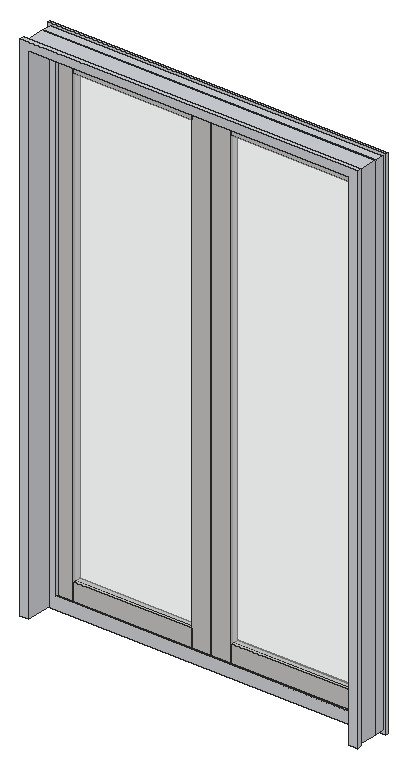
Revit family "APL Residential Thermal Heart French Door Open Out", category Doors, host Wall, Revit 2017 (continued)
Definition of nested family "APL Residential Thermal Heart French Door Open Out Horizontal Section"
  Definition of nested family "Glazing Bead"
    Lines and regions (mm)
      detail lines, in view "Ref. Level", not visible
        curve 39: line (-2.2, -6.85, 0) -> (-1, -6.85, 0)
        curve 40: line (-1, -6.85, 0) -> (-1, -4.9, 0)
        curve 41: line (-1, -4.9, 0) -> (-0.25, -4.9, 0)
        curve 42: line (-0.25, -5.4, 0) -> (-0.25, -8.45, 0)
        curve 43: line (-0.25, -8.95, 0) -> (-0.25, -9.619, 0)
        curve 44: line (-0.25, -10.119, 0) -> (-0.25, -10.787, 0)
        curve 45: line (-0.25, -11.287, 0) -> (-0.25, -11.956, 0)
        curve 46: arc (-0.25, -11.956, 0) -> (0, -12.206, 0) -> (-0.25, -12.456, 0) r 0.25
        curve 47: arc (62.983, -3.041, 0) -> (62.673, -2.901, 0) -> (62.511, -3.2, 0) r 0.25
        curve 48: arc (62.537, -13.088, 0) -> (62.7, -13.387, 0) -> (63.01, -13.247, 0) r 0.25
        curve 49: line (62.511, -3.2, 0) -> (63.505, -7.068, 0)
        curve 50: line (63.505, -7.068, 0) -> (62.502, -7.647, 0)
        curve 51: line (62.502, -7.647, 0) -> (62.502, -8.647, 0)
        curve 52: line (62.502, -8.647, 0) -> (63.527, -9.239, 0)
        curve 53: line (63.527, -9.239, 0) -> (62.537, -13.088, 0)
        curve 54: line (63.01, -13.247, 0) -> (64.734, -9.147, 0)
        curve 55: line (64.734, -9.147, 0) -> (66.002, -9.147, 0)
        curve 56: line (66.002, -9.147, 0) -> (66.002, -10.397, 0)
        curve 57: line (66.002, -10.397, 0) -> (67.002, -10.397, 0)
        curve 58: line (67.002, -10.397, 0) -> (67.002, -5.897, 0)
        curve 59: line (67.002, -5.897, 0) -> (66.002, -5.897, 0)
        curve 60: line (66.002, -5.897, 0) -> (66.002, -7.147, 0)
        curve 61: line (66.002, -7.147, 0) -> (64.71, -7.147, 0)
        curve 62: line (64.71, -7.147, 0) -> (62.983, -3.041, 0)
    Dimensions and locks
      "Glass Lenght": plane 1 "Center (Front/Back)" to plane 4
      aligned and locked: plane 4 to curve 2
      aligned and locked: plane 1 "Center (Front/Back)" to Filled region 1 sketch curve
      aligned and locked: Filled region 1 sketch curve to curve 6
      aligned and locked: Filled region 1 sketch curve to curve 1
      aligned and locked: Filled region 1 sketch curve to curve 5
    Automatic sketch dimensions
      plane 1 "Center (Front/Back)" to curve 2 = 0 mm
      curve 2 to plane 3 "Center (Left/Right)" = 0 mm
      curve 6 to plane 4 = 0 mm
      curve 5 to plane 4 = 0 mm
      curve 4 to plane 4 = 0 mm
      curve 5 to curve 3 = 4 mm
      plane 3 "Center (Left/Right)" to curve 1 = 4 mm
      curve 6 to curve 5 = 16 mm
      plane 1 "Center (Front/Back)" to curve 1 = 12 mm
    Nested families
      nested 1: "65015_Bead" at (-15.5, 6.328, 0), type "65015_Bead", in view "Ref. Level"
    Definition of nested family "65015_Bead"
      Reference planes
        plane 1 "Center (Front/Back)": y = 0
        plane 2: z = 0
        plane 3 "Center (Left/Right)": x = 0
      Lines and regions (mm)
        model lines, in view "Ref. Level"
          curve 1: arc (13.5, 12.78, 0) -> (13.558, 12.92, 0) -> (13.698, 12.978, 0) r 0.198
          curve 2: arc (14.302, 12.978, 0) -> (14.442, 12.918, 0) -> (14.5, 12.777, 0) r 0.201
          curve 3: arc (14.5, 10.175, 0) -> (14.442, 10.036, 0) -> (14.302, 9.978, 0) r 0.198
          curve 4: arc (13.698, 9.978, 0) -> (13.558, 10.036, 0) -> (13.5, 10.175, 0) r 0.198
          curve 5: arc (13.5, 11.027, 0) -> (13.442, 11.169, 0) -> (13.3, 11.228, 0) r 0.2
          curve 6: arc (12.7, 11.228, 0) -> (11.851, 11.579, 0) -> (11.5, 12.428, 0) r 1.2
          curve 7: arc (11.5, 13.628, 0) -> (11.377, 13.813, 0) -> (11.159, 13.769, 0) r 0.2
          curve 8: arc (1.546, 4.157, 0) -> (1.438, 3.995, 0) -> (1.4, 3.804, 0) r 0.5
          curve 9: arc (1.4, 1.817, 0) -> (1.467, 1.567, 0) -> (1.65, 1.384, 0) r 0.5
          curve 10: arc (10.675, -3.827, 0) -> (10.913, -4.714, 0) -> (10.025, -4.952, 0) r 0.65
          curve 11: arc (3.306, -1.073, 0) -> (2.928, -1.023, 0) -> (2.624, -1.254, 0) r 0.5
          curve 12: arc (2.587, -2.129, 0) -> (2.248, -2.45, 0) -> (1.791, -2.352, 0) r 0.5
          curve 13: arc (1.518, -2.123, 0) -> (1.466, -2.054, 0) -> (1.447, -1.97, 0) r 0.2
          curve 14: arc (1.447, -1.115, 0) -> (1.476, -1.011, 0) -> (1.555, -0.938, 0) r 0.2
          curve 15: arc (1.555, -0.938, 0) -> (1.717, -0.809, 0) -> (1.82, -0.63, 0) r 0.55
          curve 16: arc (1.82, -0.63, 0) -> (1.825, -0.452, 0) -> (1.729, -0.302, 0) r 0.3
          curve 17: arc (0.2, 0, 0) -> (0.059, 0.059, 0) -> (0, 0.2, 0) r 0.2
          curve 18: arc (0, 4.383, 0) -> (0.038, 4.575, 0) -> (0.146, 4.737, 0) r 0.5
          curve 19: arc (14.159, 18.749, 0) -> (14.377, 18.792, 0) -> (14.5, 18.608, 0) r 0.2
          curve 20: arc (14.5, 15.172, 0) -> (14.442, 15.034, 0) -> (14.303, 14.978, 0) r 0.194
          curve 21: arc (13.698, 14.978, 0) -> (13.559, 15.038, 0) -> (13.5, 15.177, 0) r 0.203
          curve 22: arc (13.5, 15.528, 0) -> (13.441, 15.669, 0) -> (13.3, 15.728, 0) r 0.201
          curve 23: arc (12.7, 15.728, 0) -> (12.559, 15.669, 0) -> (12.5, 15.528, 0) r 0.2
          curve 24: arc (12.5, 12.428, 0) -> (12.559, 12.286, 0) -> (12.7, 12.228, 0) r 0.2
          curve 25: line (13.5, 12.428, 0) -> (13.5, 12.78, 0)
          curve 26: line (13.698, 12.978, 0) -> (14.302, 12.978, 0)
          curve 27: line (14.5, 12.777, 0) -> (14.5, 10.175, 0)
          curve 28: line (14.302, 9.978, 0) -> (13.698, 9.978, 0)
          curve 29: line (13.5, 10.175, 0) -> (13.5, 11.027, 0)
          curve 30: line (13.3, 11.228, 0) -> (12.7, 11.228, 0)
          curve 31: line (11.5, 12.428, 0) -> (11.5, 13.628, 0)
          curve 32: line (11.159, 13.769, 0) -> (1.546, 4.157, 0)
          curve 33: line (1.4, 3.804, 0) -> (1.4, 1.817, 0)
          curve 34: line (1.65, 1.384, 0) -> (10.675, -3.827, 0)
          curve 35: line (10.025, -4.952, 0) -> (3.306, -1.073, 0)
          curve 36: line (2.597, -1.355, 0) -> (2.597, -2.065, 0)
          curve 37: line (1.791, -2.352, 0) -> (1.518, -2.123, 0)
          curve 38: line (1.518, -2.123, 0) -> (1.447, -1.115, 0)
          curve 39: line (1.729, -0.302, 0) -> (1.425, -0.047, 0)
          curve 40: line (1.425, -0.047, 0) -> (0.2, 0, 0)
          curve 41: line (0, 0.2, 0) -> (0, 4.383, 0)
          curve 42: line (0.146, 4.737, 0) -> (14.159, 18.749, 0)
          curve 43: line (14.5, 18.608, 0) -> (14.5, 15.172, 0)
          curve 44: line (14.303, 14.978, 0) -> (13.698, 14.978, 0)
          curve 45: line (13.5, 15.177, 0) -> (13.5, 15.528, 0)
          curve 46: line (13.3, 15.728, 0) -> (12.7, 15.728, 0)
          curve 47: line (12.5, 15.528, 0) -> (12.5, 12.428, 0)
          curve 48: line (12.7, 12.228, 0) -> (13.3, 12.228, 0)
          curve 49: arc (13.3, 12.228, 0) -> (13.441, 12.286, 0) -> (13.5, 12.428, 0) r 0.2
      Text (mm)
        text "65015" at (32.01, 10.207, 0), in view "Ref. Level"
  Definition of nested family "Keeper&Lock Stile"
    Reference planes
      plane 1 "Center (Front/Back)": y = 0
      plane 2: z = 0
      plane 3 "Center (Left/Right)": x = 0
    Lines and regions (mm)
      detail lines, in view "Ref. Level"
        curve 1: arc (-18.353, 45.503, 0) -> (-18.847, 45.503, 0) -> (-18.847, 45.997, 0) r 0.35
        curve 2: arc (-16.497, 48.347, 0) -> (-16.003, 48.347, 0) -> (-16.003, 47.853, 0) r 0.35
        curve 3: arc (-17.549, 45.655, 0) -> (-17.821, 45.781, 0) -> (-17.778, 46.077, 0) r 0.25
        curve 4: arc (-7.038, 49.8, 0) -> (-8.076, 50.183, 0) -> (-8.618, 51.147, 0) r 1.6
        curve 5: arc (-7.038, 50.4, 0) -> (-7.745, 50.693, 0) -> (-8.038, 51.4, 0) r 1
        curve 6: arc (-14, 51.75, 0) -> (-13.927, 51.927, 0) -> (-13.75, 52, 0) r 0.25
        curve 7: arc (-13.875, 51.183, 0) -> (-13.967, 51.275, 0) -> (-14, 51.4, 0) r 0.25
        curve 8: arc (-13.875, 51.183, 0) -> (-13.6, 50.909, 0) -> (-13.5, 50.534, 0) r 0.75
        curve 9: arc (-8.915, 51.4, 0) -> (-8.719, 51.328, 0) -> (-8.618, 51.147, 0) r 0.3
        curve 10: arc (-8.538, 52, 0) -> (-8.184, 51.854, 0) -> (-8.038, 51.5, 0) r 0.5
        curve 11: arc (-12, 50.65, 0) -> (-11.78, 51.18, 0) -> (-11.25, 51.4, 0) r 0.75
        curve 12: arc (-13.5, 47.854, 0) -> (-13.671, 47.477, 0) -> (-14.067, 47.358, 0) r 0.5
        curve 13: arc (-15.962, 47.527, 0) -> (-15.706, 47.559, 0) -> (-15.448, 47.546, 0) r 1.5
        curve 14: arc (-11, 45.45, 0) -> (-11.169, 45.456, 0) -> (-11.337, 45.473, 0) r 2.5
        curve 15: arc (-11.25, 46.95, 0) -> (-11.78, 47.17, 0) -> (-12, 47.7, 0) r 0.75
        curve 16: arc (-5.394, 50.157, 0) -> (-5.012, 48.747, 0) -> (-5.69, 47.453, 0) r 2.001
        curve 17: arc (-5.776, 49.646, 0) -> (-5.621, 48.722, 0) -> (-6.083, 47.907, 0) r 1.401
        curve 18: arc (-5.876, 50.4, 0) -> (-5.606, 50.336, 0) -> (-5.394, 50.157, 0) r 0.6
        curve 19: arc (-6.039, 49.8, 0) -> (-5.886, 49.759, 0) -> (-5.776, 49.646, 0) r 0.3
        curve 20: arc (-7.887, 45.548, 0) -> (-8.009, 45.475, 0) -> (-8.149, 45.45, 0) r 0.4
        curve 21: arc (-6.975, 47.133, 0) -> (-7.204, 46.997, 0) -> (-7.466, 46.95, 0) r 0.75
        curve 22: line (-11.337, 45.473, 0) -> (-15.65, 46.06, 0)
        curve 23: line (-15.65, 46.06, 0) -> (-17.549, 45.655, 0)
        curve 24: line (-18.847, 45.997, 0) -> (-16.497, 48.347, 0)
        curve 25: line (-16.003, 47.853, 0) -> (-18.353, 45.503, 0)
        curve 26: line (-8.149, 45.45, 0) -> (-11, 45.45, 0)
        curve 27: line (-7.466, 46.95, 0) -> (-11.25, 46.95, 0)
        curve 28: line (-13.5, 47.854, 0) -> (-13.5, 50.534, 0)
        curve 29: line (-12, 47.7, 0) -> (-12, 50.65, 0)
        curve 30: line (-13.75, 52, 0) -> (-8.538, 52, 0)
        curve 31: line (-14, 51.4, 0) -> (-14, 51.75, 0)
        curve 32: line (-11.25, 51.4, 0) -> (-8.915, 51.4, 0)
        curve 33: line (-15.448, 47.546, 0) -> (-14.067, 47.358, 0)
        curve 34: line (-16.427, 47.428, 0) -> (-15.962, 47.527, 0)
        curve 35: line (-6.039, 49.8, 0) -> (-7.038, 49.8, 0)
        curve 36: line (-5.876, 50.4, 0) -> (-7.038, 50.4, 0)
        curve 37: line (-5.69, 47.453, 0) -> (-7.887, 45.548, 0)
        curve 38: line (-6.083, 47.907, 0) -> (-6.975, 47.133, 0)
        curve 77: arc (18.353, 6.497, 0) -> (18.847, 6.497, 0) -> (18.847, 6.003, 0) r 0.35
        curve 78: arc (16.497, 3.653, 0) -> (16.003, 3.653, 0) -> (16.003, 4.147, 0) r 0.35
        curve 79: arc (17.549, 6.345, 0) -> (17.821, 6.219, 0) -> (17.778, 5.923, 0) r 0.25
        curve 80: arc (7.038, 2.2, 0) -> (8.076, 1.817, 0) -> (8.618, 0.853, 0) r 1.6
        curve 81: arc (7.038, 1.6, 0) -> (7.745, 1.307, 0) -> (8.038, 0.6, 0) r 1
        curve 82: arc (14, 0.25, 0) -> (13.927, 0.073, 0) -> (13.75, 0, 0) r 0.25
        curve 83: arc (13.875, 0.817, 0) -> (13.967, 0.725, 0) -> (14, 0.6, 0) r 0.25
        curve 84: arc (13.875, 0.817, 0) -> (13.6, 1.091, 0) -> (13.5, 1.466, 0) r 0.75
        curve 85: arc (8.915, 0.6, 0) -> (8.719, 0.672, 0) -> (8.618, 0.853, 0) r 0.3
        curve 86: arc (8.538, 0, 0) -> (8.184, 0.146, 0) -> (8.038, 0.5, 0) r 0.5
        curve 87: arc (12, 1.35, 0) -> (11.78, 0.82, 0) -> (11.25, 0.6, 0) r 0.75
        curve 88: arc (13.5, 4.146, 0) -> (13.671, 4.523, 0) -> (14.067, 4.642, 0) r 0.5
        curve 89: arc (15.962, 4.473, 0) -> (15.706, 4.441, 0) -> (15.448, 4.454, 0) r 1.5
        curve 90: arc (11, 6.55, 0) -> (11.169, 6.544, 0) -> (11.337, 6.527, 0) r 2.5
        curve 91: arc (11.25, 5.05, 0) -> (11.78, 4.83, 0) -> (12, 4.3, 0) r 0.75
        curve 92: arc (5.394, 1.843, 0) -> (5.012, 3.253, 0) -> (5.69, 4.547, 0) r 2.001
        curve 93: arc (5.776, 2.354, 0) -> (5.621, 3.278, 0) -> (6.083, 4.093, 0) r 1.401
        curve 94: arc (5.876, 1.6, 0) -> (5.606, 1.664, 0) -> (5.394, 1.843, 0) r 0.6
        curve 95: arc (6.039, 2.2, 0) -> (5.886, 2.241, 0) -> (5.776, 2.354, 0) r 0.3
        curve 96: arc (7.887, 6.452, 0) -> (8.009, 6.525, 0) -> (8.149, 6.55, 0) r 0.4
        curve 97: arc (6.975, 4.867, 0) -> (7.204, 5.003, 0) -> (7.466, 5.05, 0) r 0.75
        curve 98: line (11.337, 6.527, 0) -> (15.65, 5.94, 0)
        curve 99: line (15.65, 5.94, 0) -> (17.549, 6.345, 0)
        curve 100: line (18.847, 6.003, 0) -> (16.497, 3.653, 0)
        curve 101: line (16.003, 4.147, 0) -> (18.353, 6.497, 0)
        curve 102: line (8.149, 6.55, 0) -> (11, 6.55, 0)
        curve 103: line (7.466, 5.05, 0) -> (11.25, 5.05, 0)
        curve 104: line (13.5, 4.146, 0) -> (13.5, 1.466, 0)
        curve 105: line (12, 4.3, 0) -> (12, 1.35, 0)
        curve 106: line (13.75, 0, 0) -> (8.538, 0, 0)
        curve 107: line (14, 0.6, 0) -> (14, 0.25, 0)
        curve 108: line (11.25, 0.6, 0) -> (8.915, 0.6, 0)
        curve 109: line (15.448, 4.454, 0) -> (14.067, 4.642, 0)
        curve 110: line (16.427, 4.572, 0) -> (15.962, 4.473, 0)
        curve 111: line (6.039, 2.2, 0) -> (7.038, 2.2, 0)
        curve 112: line (5.876, 1.6, 0) -> (7.038, 1.6, 0)
        curve 113: line (5.69, 4.547, 0) -> (7.887, 6.452, 0)
        curve 114: line (6.083, 4.093, 0) -> (6.975, 4.867, 0)
        curve 115: arc (-87.144, 40.782, 0) -> (-87.004, 40.472, 0) -> (-87.303, 40.309, 0) r 0.25
        curve 116: arc (-97.191, 40.336, 0) -> (-97.491, 40.498, 0) -> (-97.351, 40.808, 0) r 0.25
        curve 117: line (-87.303, 40.309, 0) -> (-91.171, 41.303, 0)
        curve 118: line (-91.171, 41.303, 0) -> (-91.75, 40.3, 0)
        curve 119: line (-91.75, 40.3, 0) -> (-92.75, 40.3, 0)
        curve 120: line (-92.75, 40.3, 0) -> (-93.342, 41.325, 0)
        curve 121: line (-93.342, 41.325, 0) -> (-97.191, 40.336, 0)
        curve 122: line (-97.351, 40.808, 0) -> (-93.25, 42.532, 0)
        curve 123: line (-93.25, 42.532, 0) -> (-93.25, 43.8, 0)
        curve 124: line (-93.25, 43.8, 0) -> (-94.5, 43.8, 0)
        curve 125: line (-94.5, 43.8, 0) -> (-94.5, 44.8, 0)
        curve 126: line (-94.5, 44.8, 0) -> (-90, 44.8, 0)
        curve 127: line (-90, 44.8, 0) -> (-90, 43.8, 0)
        curve 128: line (-90, 43.8, 0) -> (-91.25, 43.8, 0)
        curve 129: line (-91.25, 43.8, 0) -> (-91.25, 42.508, 0)
        curve 130: line (-91.25, 42.508, 0) -> (-87.144, 40.782, 0)
        curve 147: arc (87.144, 40.782, 0) -> (87.004, 40.472, 0) -> (87.303, 40.309, 0) r 0.25
        curve 148: arc (97.191, 40.336, 0) -> (97.491, 40.498, 0) -> (97.351, 40.808, 0) r 0.25
        curve 149: line (87.303, 40.309, 0) -> (91.171, 41.303, 0)
        curve 150: line (91.171, 41.303, 0) -> (91.75, 40.3, 0)
        curve 151: line (91.75, 40.3, 0) -> (92.75, 40.3, 0)
        curve 152: line (92.75, 40.3, 0) -> (93.342, 41.325, 0)
        curve 153: line (93.342, 41.325, 0) -> (97.191, 40.336, 0)
        curve 154: line (97.351, 40.808, 0) -> (93.25, 42.532, 0)
        curve 155: line (93.25, 42.532, 0) -> (93.25, 43.8, 0)
        curve 156: line (93.25, 43.8, 0) -> (94.5, 43.8, 0)
        curve 157: line (94.5, 43.8, 0) -> (94.5, 44.8, 0)
        curve 158: line (94.5, 44.8, 0) -> (90, 44.8, 0)
        curve 159: line (90, 44.8, 0) -> (90, 43.8, 0)
        curve 160: line (90, 43.8, 0) -> (91.25, 43.8, 0)
        curve 161: line (91.25, 43.8, 0) -> (91.25, 42.508, 0)
        curve 162: line (91.25, 42.508, 0) -> (87.144, 40.782, 0)
      detail lines, in view "Ref. Level", not visible
        curve 39: arc (-18.353, 45.503, 0) -> (-18.847, 45.503, 0) -> (-18.847, 45.997, 0) r 0.35
        curve 40: arc (-16.497, 48.347, 0) -> (-16.003, 48.347, 0) -> (-16.003, 47.853, 0) r 0.35
        curve 41: arc (-17.549, 45.655, 0) -> (-17.821, 45.781, 0) -> (-17.778, 46.077, 0) r 0.25
        curve 42: arc (-7.038, 49.8, 0) -> (-8.076, 50.183, 0) -> (-8.618, 51.147, 0) r 1.6
        curve 43: arc (-7.038, 50.4, 0) -> (-7.745, 50.693, 0) -> (-8.038, 51.4, 0) r 1
        curve 44: arc (-14, 51.75, 0) -> (-13.927, 51.927, 0) -> (-13.75, 52, 0) r 0.25
        curve 45: arc (-13.875, 51.183, 0) -> (-13.967, 51.275, 0) -> (-14, 51.4, 0) r 0.25
        curve 46: arc (-13.875, 51.183, 0) -> (-13.6, 50.909, 0) -> (-13.5, 50.534, 0) r 0.75
        curve 47: arc (-8.915, 51.4, 0) -> (-8.719, 51.328, 0) -> (-8.618, 51.147, 0) r 0.3
        curve 48: arc (-8.538, 52, 0) -> (-8.184, 51.854, 0) -> (-8.038, 51.5, 0) r 0.5
        curve 49: arc (-12, 50.65, 0) -> (-11.78, 51.18, 0) -> (-11.25, 51.4, 0) r 0.75
        curve 50: arc (-13.5, 47.854, 0) -> (-13.671, 47.477, 0) -> (-14.067, 47.358, 0) r 0.5
        curve 51: arc (-15.962, 47.527, 0) -> (-15.706, 47.559, 0) -> (-15.448, 47.546, 0) r 1.5
        curve 52: arc (-11, 45.45, 0) -> (-11.169, 45.456, 0) -> (-11.337, 45.473, 0) r 2.5
        curve 53: arc (-11.25, 46.95, 0) -> (-11.78, 47.17, 0) -> (-12, 47.7, 0) r 0.75
        curve 54: arc (-5.394, 50.157, 0) -> (-5.012, 48.747, 0) -> (-5.69, 47.453, 0) r 2.001
        curve 55: arc (-5.776, 49.646, 0) -> (-5.621, 48.722, 0) -> (-6.083, 47.907, 0) r 1.401
        curve 56: arc (-5.876, 50.4, 0) -> (-5.606, 50.336, 0) -> (-5.394, 50.157, 0) r 0.6
        curve 57: arc (-6.039, 49.8, 0) -> (-5.886, 49.759, 0) -> (-5.776, 49.646, 0) r 0.3
        curve 58: arc (-7.887, 45.548, 0) -> (-8.009, 45.475, 0) -> (-8.149, 45.45, 0) r 0.4
        curve 59: arc (-6.975, 47.133, 0) -> (-7.204, 46.997, 0) -> (-7.466, 46.95, 0) r 0.75
        curve 60: line (-11.337, 45.473, 0) -> (-15.65, 46.06, 0)
        curve 61: line (-15.65, 46.06, 0) -> (-17.549, 45.655, 0)
        curve 62: line (-18.847, 45.997, 0) -> (-16.497, 48.347, 0)
        curve 63: line (-16.003, 47.853, 0) -> (-18.353, 45.503, 0)
        curve 64: line (-8.149, 45.45, 0) -> (-11, 45.45, 0)
        curve 65: line (-7.466, 46.95, 0) -> (-11.25, 46.95, 0)
        curve 66: line (-13.5, 47.854, 0) -> (-13.5, 50.534, 0)
        curve 67: line (-12, 47.7, 0) -> (-12, 50.65, 0)
        curve 68: line (-13.75, 52, 0) -> (-8.538, 52, 0)
        curve 69: line (-14, 51.4, 0) -> (-14, 51.75, 0)
        curve 70: line (-11.25, 51.4, 0) -> (-8.915, 51.4, 0)
        curve 71: line (-15.448, 47.546, 0) -> (-14.067, 47.358, 0)
        curve 72: line (-16.427, 47.428, 0) -> (-15.962, 47.527, 0)
        curve 73: line (-6.039, 49.8, 0) -> (-7.038, 49.8, 0)
        curve 74: line (-5.876, 50.4, 0) -> (-7.038, 50.4, 0)
        curve 75: line (-5.69, 47.453, 0) -> (-7.887, 45.548, 0)
        curve 76: line (-6.083, 47.907, 0) -> (-6.975, 47.133, 0)
        curve 131: arc (27.921, 135.423, 0) -> (27.611, 135.563, 0) -> (27.449, 135.264, 0) r 0.25
        curve 132: arc (27.475, 125.376, 0) -> (27.637, 125.077, 0) -> (27.948, 125.217, 0) r 0.25
        curve 133: line (27.449, 135.264, 0) -> (28.443, 131.396, 0)
        curve 134: line (28.443, 131.396, 0) -> (27.439, 130.817, 0)
        curve 135: line (27.439, 130.817, 0) -> (27.439, 129.817, 0)
        curve 136: line (27.439, 129.817, 0) -> (28.465, 129.225, 0)
        curve 137: line (28.465, 129.225, 0) -> (27.475, 125.376, 0)
        curve 138: line (27.948, 125.217, 0) -> (29.672, 129.317, 0)
        curve 139: line (29.672, 129.317, 0) -> (30.939, 129.317, 0)
        curve 140: line (30.939, 129.317, 0) -> (30.939, 128.067, 0)
        curve 141: line (30.939, 128.067, 0) -> (31.939, 128.067, 0)
        curve 142: line (31.939, 128.067, 0) -> (31.939, 132.567, 0)
        curve 143: line (31.939, 132.567, 0) -> (30.939, 132.567, 0)
        curve 144: line (30.939, 132.567, 0) -> (30.939, 131.317, 0)
        curve 145: line (30.939, 131.317, 0) -> (29.647, 131.317, 0)
        curve 146: line (29.647, 131.317, 0) -> (27.921, 135.423, 0)
    Dimensions and locks
      locked: nested 2 to nested 1 at 20
      nested 2 to nested 1 = 6 mm
    Nested families
      nested 1: "65220_Rebated Lock Stile" at (-14, 0, 0) x (0, -1, 0) z (0, 0, 1), type "65220_Rebated Lock Stile", in view "Ref. Level"
      nested 2: "65240_Rebated Keeper Stile" at (10, 0, 0) x (0, 1, 0) z (0, 0, 1), type "65240_Rebated Keeper Stile", in view "Ref. Level"
    Definition of nested family "65220_Rebated Lock Stile"
      Reference planes
        plane 1 "Center (Front/Back)": y = 0
        plane 2: z = 0
        plane 3 "Center (Left/Right)": x = 0
      Lines and regions (mm)
        model lines, in view "Ref. Level"
          curve 1: arc (-1.453, 62.127, 0) -> (-1.357, 62.052, 0) -> (-1.322, 61.935, 0) r 0.2
          curve 2: arc (-1.421, 57.06, 0) -> (-1.721, 56.366, 0) -> (-2.42, 56.08, 0) r 1
          curve 3: arc (-9.8, 56.08, 0) -> (-10.507, 56.373, 0) -> (-10.8, 57.08, 0) r 1
          curve 4: arc (-10.8, 61.172, 0) -> (-10.773, 61.272, 0) -> (-10.7, 61.345, 0) r 0.2
          curve 5: arc (-9.6, 61.98, 0) -> (-9.38, 62.2, 0) -> (-9.3, 62.5, 0) r 0.6
          curve 6: arc (-9.3, 62.8, 0) -> (-9.359, 62.941, 0) -> (-9.5, 63, 0) r 0.2
          curve 7: arc (-16.503, 63, 0) -> (-17.21, 62.707, 0) -> (-17.503, 62, 0) r 1
          curve 8: arc (-17.503, 56.28, 0) -> (-17.561, 56.139, 0) -> (-17.703, 56.08, 0) r 0.2
          curve 9: arc (-22.803, 56.08, 0) -> (-22.944, 56.139, 0) -> (-23.003, 56.28, 0) r 0.2
          curve 10: arc (-23.003, 62, 0) -> (-23.295, 62.707, 0) -> (-24.003, 63, 0) r 1
          curve 11: arc (-25.817, 63, 0) -> (-26.122, 62.801, 0) -> (-26.395, 63.043, 0) r 0.3
          curve 12: arc (-26.395, 63.043, 0) -> (-26.461, 63.181, 0) -> (-26.587, 63.268, 0) r 0.3
          curve 13: arc (-27.997, 63.782, 0) -> (-28.283, 63.738, 0) -> (-28.399, 63.474, 0) r 0.3
          curve 14: arc (-28.192, 61.108, 0) -> (-28.165, 61.008, 0) -> (-28.105, 60.922, 0) r 0.3
          curve 15: arc (-27.741, 60.559, 0) -> (-27.548, 60.507, 0) -> (-27.407, 60.648, 0) r 0.2
          curve 16: arc (-27.362, 60.816, 0) -> (-27.31, 60.905, 0) -> (-27.221, 60.957, 0) r 0.2
          curve 17: arc (-25, 61.5, 0) -> (-24.72, 61.307, 0) -> (-24.8, 60.976, 0) r 0.3
          curve 18: arc (-24.8, 60.976, 0) -> (-24.874, 60.875, 0) -> (-24.9, 60.753, 0) r 0.3
          curve 19: arc (-24.706, 56.75, 0) -> (-24.742, 56.578, 0) -> (-24.9, 56.5, 0) r 0.2
          curve 20: arc (-25.421, 56.5, 0) -> (-25.502, 56.511, 0) -> (-25.577, 56.544, 0) r 0.3
          curve 21: arc (-26.831, 57.309, 0) -> (-26.828, 57.479, 0) -> (-26.934, 57.611, 0) r 0.25
          curve 22: arc (-27.019, 57.663, 0) -> (-27.272, 57.668, 0) -> (-27.4, 57.45, 0) r 0.25
          curve 23: arc (-27.4, 54.7, 0) -> (-27.341, 54.559, 0) -> (-27.2, 54.5, 0) r 0.2
          curve 24: arc (-16.403, 54.5, 0) -> (-16.049, 54.646, 0) -> (-15.903, 55, 0) r 0.5
          curve 25: arc (-15.903, 61.2, 0) -> (-15.844, 61.341, 0) -> (-15.703, 61.4, 0) r 0.2
          curve 26: arc (-12.6, 61.4, 0) -> (-12.459, 61.341, 0) -> (-12.4, 61.2, 0) r 0.2
          curve 27: arc (-12.4, 57.08, 0) -> (-11.638, 55.242, 0) -> (-9.8, 54.48, 0) r 2.6
          curve 28: arc (-1.8, 54.48, 0) -> (-1.659, 54.421, 0) -> (-1.6, 54.28, 0) r 0.2
          curve 29: arc (-1.6, -4.898, 0) -> (-1.746, -5.252, 0) -> (-2.1, -5.398, 0) r 0.5
          curve 30: arc (-4.2, -5.398, 0) -> (-4.341, -5.339, 0) -> (-4.4, -5.198, 0) r 0.2
          curve 31: arc (-4.4, -4.2, 0) -> (-4.927, -2.927, 0) -> (-6.2, -2.4, 0) r 1.8
          curve 32: arc (-22.08, -2.4, 0) -> (-22.787, -2.107, 0) -> (-23.08, -1.4, 0) r 1
          curve 33: arc (-23.08, 3.4, 0) -> (-23.373, 4.107, 0) -> (-24.08, 4.4, 0) r 1
          curve 34: arc (-27.28, 4.4, 0) -> (-27.421, 4.341, 0) -> (-27.48, 4.2, 0) r 0.2
          curve 35: arc (-27.48, 1.551, 0) -> (-27.353, 1.332, 0) -> (-27.1, 1.337, 0) r 0.25
          curve 36: arc (-27.014, 1.389, 0) -> (-26.908, 1.521, 0) -> (-26.911, 1.691, 0) r 0.25
          curve 37: arc (-25.657, 2.456, 0) -> (-25.582, 2.489, 0) -> (-25.501, 2.5, 0) r 0.3
          curve 38: arc (-24.98, 2.5, 0) -> (-24.822, 2.422, 0) -> (-24.786, 2.25, 0) r 0.2
          curve 39: arc (-24.98, -1.753, 0) -> (-24.954, -1.875, 0) -> (-24.88, -1.976, 0) r 0.3
          curve 40: arc (-24.88, -1.976, 0) -> (-24.8, -2.307, 0) -> (-25.08, -2.5, 0) r 0.3
          curve 41: arc (-27.301, -1.957, 0) -> (-27.39, -1.905, 0) -> (-27.442, -1.816, 0) r 0.2
          curve 42: arc (-27.487, -1.648, 0) -> (-27.628, -1.507, 0) -> (-27.821, -1.559, 0) r 0.2
          curve 43: arc (-28.185, -1.922, 0) -> (-28.245, -2.008, 0) -> (-28.272, -2.108, 0) r 0.3
          curve 44: arc (-28.479, -4.474, 0) -> (-28.363, -4.738, 0) -> (-28.077, -4.782, 0) r 0.3
          curve 45: arc (-26.667, -4.268, 0) -> (-26.541, -4.181, 0) -> (-26.475, -4.043, 0) r 0.3
          curve 46: arc (-26.475, -4.043, 0) -> (-26.202, -3.801, 0) -> (-25.897, -4, 0) r 0.3
          curve 47: arc (-6.2, -4, 0) -> (-6.059, -4.059, 0) -> (-6, -4.2, 0) r 0.2
          curve 48: arc (-6, -6.798, 0) -> (-5.941, -6.939, 0) -> (-5.8, -6.998, 0) r 0.2
          curve 49: arc (-2, -6.998, 0) -> (-1.646, -7.144, 0) -> (-1.5, -7.498, 0) r 0.5
          curve 50: arc (-1.5, -21.5, 0) -> (-1.354, -21.854, 0) -> (-1, -22, 0) r 0.5
          curve 51: arc (-0.5, -22, 0) -> (-0.146, -21.854, 0) -> (0, -21.5, 0) r 0.5
          curve 52: arc (0, 62.8, 0) -> (-0.059, 62.941, 0) -> (-0.2, 63, 0) r 0.2
          curve 53: line (-1.322, 61.935, 0) -> (-1.421, 57.06, 0)
          curve 54: line (-2.42, 56.08, 0) -> (-9.8, 56.08, 0)
          curve 55: line (-10.8, 57.08, 0) -> (-10.8, 61.172, 0)
          curve 56: line (-10.7, 61.345, 0) -> (-9.6, 61.98, 0)
          curve 57: line (-9.3, 62.5, 0) -> (-9.3, 62.8, 0)
          curve 58: line (-9.5, 63, 0) -> (-16.503, 63, 0)
          curve 59: line (-17.503, 62, 0) -> (-17.503, 56.28, 0)
          curve 60: line (-17.703, 56.08, 0) -> (-22.803, 56.08, 0)
          curve 61: line (-23.003, 56.28, 0) -> (-23.003, 62, 0)
          curve 62: line (-24.003, 63, 0) -> (-25.817, 63, 0)
          curve 63: line (-26.587, 63.268, 0) -> (-27.997, 63.782, 0)
          curve 64: line (-28.399, 63.474, 0) -> (-28.192, 61.108, 0)
          curve 65: line (-28.105, 60.922, 0) -> (-27.741, 60.559, 0)
          curve 66: line (-27.407, 60.648, 0) -> (-27.362, 60.816, 0)
          curve 67: line (-27.362, 60.816, 0) -> (-25.232, 61.49, 0)
          curve 68: line (-25.232, 61.49, 0) -> (-25, 61.5, 0)
          curve 69: line (-24.9, 60.753, 0) -> (-24.9, 57.525, 0)
          curve 70: line (-24.9, 57.525, 0) -> (-24.706, 56.75, 0)
          curve 71: line (-24.9, 56.5, 0) -> (-25.421, 56.5, 0)
          curve 72: line (-25.421, 56.5, 0) -> (-26.831, 57.309, 0)
          curve 73: line (-27.4, 57.45, 0) -> (-27.4, 54.7, 0)
          curve 74: line (-27.2, 54.5, 0) -> (-20.403, 54.5, 0)
          curve 75: line (-20.403, 54.5, 0) -> (-20.003, 54.9, 0)
          curve 76: line (-20.003, 54.9, 0) -> (-19.603, 54.5, 0)
          curve 77: line (-19.603, 54.5, 0) -> (-16.403, 54.5, 0)
          curve 78: line (-15.903, 55, 0) -> (-15.903, 61.2, 0)
          curve 79: line (-15.703, 61.4, 0) -> (-12.6, 61.4, 0)
          curve 80: line (-12.4, 61.2, 0) -> (-12.4, 57.08, 0)
          curve 81: line (-9.8, 54.48, 0) -> (-1.8, 54.48, 0)
          curve 82: line (-1.6, 54.28, 0) -> (-1.6, -4.898, 0)
          curve 83: line (-2.1, -5.398, 0) -> (-4.2, -5.398, 0)
          curve 84: line (-4.4, -5.198, 0) -> (-4.4, -4.2, 0)
          curve 85: line (-6.2, -2.4, 0) -> (-22.08, -2.4, 0)
          curve 86: line (-23.08, -1.4, 0) -> (-23.08, 3.4, 0)
          curve 87: line (-24.08, 4.4, 0) -> (-27.28, 4.4, 0)
          curve 88: line (-27.48, 4.2, 0) -> (-27.48, 1.551, 0)
          curve 89: line (-26.911, 1.691, 0) -> (-25.657, 2.456, 0)
          curve 90: line (-25.657, 2.456, 0) -> (-24.98, 2.5, 0)
          curve 91: line (-24.786, 2.25, 0) -> (-24.98, 1.5, 0)
          curve 92: line (-24.974, 1.525, 0) -> (-24.98, -1.753, 0)
          curve 93: line (-25.234, -2.5, 0) -> (-27.301, -1.957, 0)
          curve 94: line (-27.301, -1.957, 0) -> (-27.487, -1.648, 0)
          curve 95: line (-27.821, -1.559, 0) -> (-28.185, -1.922, 0)
          curve 96: line (-28.272, -2.108, 0) -> (-28.479, -4.474, 0)
          curve 97: line (-28.077, -4.782, 0) -> (-26.667, -4.268, 0)
          curve 98: line (-25.897, -4, 0) -> (-20.4, -4, 0)
          curve 99: line (-20.4, -4, 0) -> (-20, -3.6, 0)
          curve 100: line (-20, -3.6, 0) -> (-19.6, -4, 0)
          curve 101: line (-19.6, -4, 0) -> (-18.4, -4, 0)
          curve 102: line (-18.4, -4, 0) -> (-18, -3.6, 0)
          curve 103: line (-18, -3.6, 0) -> (-17.6, -4, 0)
          curve 104: line (-17.6, -4, 0) -> (-6.2, -4, 0)
          curve 105: line (-6, -4.2, 0) -> (-6, -6.798, 0)
          curve 106: line (-5.8, -6.998, 0) -> (-2, -6.998, 0)
          curve 107: line (-1.5, -7.498, 0) -> (-1.5, -21.5, 0)
          curve 108: line (-1, -22, 0) -> (-0.5, -22, 0)
          curve 109: line (0, -21.5, 0) -> (0, 62.8, 0)
          curve 110: line (-0.2, 63, 0) -> (-1.141, 63, 0)
          curve 111: line (-1.141, 63, 0) -> (-1.665, 62.621, 0)
          curve 112: arc (-1.665, 62.621, 0) -> (-1.729, 62.522, 0) -> (-1.725, 62.403, 0) r 0.2
          curve 113: arc (-1.725, 62.403, 0) -> (-1.621, 62.234, 0) -> (-1.453, 62.127, 0) r 0.45
          curve 114: arc (-24.98, 1.6, 0) -> (-25.097, 1.883, 0) -> (-25.38, 2, 0) r 0.4
          curve 115: arc (-25.673, 2, 0) -> (-25.776, 1.986, 0) -> (-25.873, 1.946, 0) r 0.4
          curve 116: arc (-27.401, 1.061, 0) -> (-27.691, 0.941, 0) -> (-28.002, 0.9, 0) r 1.2
          curve 117: arc (-28.925, 0.9, 0) -> (-29.498, 0.719, 0) -> (-29.864, 0.242, 0) r 1
          curve 118: arc (-30.657, -1.937, 0) -> (-30.804, -2.128, 0) -> (-31.033, -2.2, 0) r 0.4
          curve 119: arc (-37.527, -2.2, 0) -> (-37.756, -2.128, 0) -> (-37.903, -1.937, 0) r 0.4
          curve 120: arc (-38.696, 0.242, 0) -> (-39.062, 0.719, 0) -> (-39.635, 0.9, 0) r 1
          curve 121: arc (-40.558, 0.9, 0) -> (-40.869, 0.941, 0) -> (-41.159, 1.061, 0) r 1.2
          curve 122: arc (-42.687, 1.946, 0) -> (-42.784, 1.986, 0) -> (-42.887, 2, 0) r 0.4
          curve 123: arc (-43.18, 2, 0) -> (-43.463, 1.883, 0) -> (-43.58, 1.6, 0) r 0.4
          curve 124: arc (-43.58, -1.8, 0) -> (-43.463, -2.083, 0) -> (-43.18, -2.2, 0) r 0.4
          curve 125: arc (-42.887, -2.2, 0) -> (-42.784, -2.186, 0) -> (-42.687, -2.146, 0) r 0.4
          curve 126: arc (-41.159, -1.261, 0) -> (-40.865, -1.14, 0) -> (-40.55, -1.1, 0) r 1.2
          curve 127: arc (-40.55, -1.1, 0) -> (-40.375, -1.153, 0) -> (-40.264, -1.297, 0) r 0.3
          curve 128: arc (-39.376, -3.737, 0) -> (-39.229, -3.928, 0) -> (-39, -4, 0) r 0.4
          curve 129: arc (-29.56, -4, 0) -> (-29.331, -3.928, 0) -> (-29.184, -3.737, 0) r 0.4
          curve 130: arc (-28.296, -1.297, 0) -> (-28.185, -1.153, 0) -> (-28.01, -1.1, 0) r 0.3
          curve 131: arc (-28.01, -1.1, 0) -> (-27.695, -1.14, 0) -> (-27.401, -1.261, 0) r 1.2
          curve 132: arc (-25.873, -2.146, 0) -> (-25.776, -2.186, 0) -> (-25.673, -2.2, 0) r 0.4
          curve 133: arc (-25.38, -2.2, 0) -> (-25.097, -2.083, 0) -> (-24.98, -1.8, 0) r 0.4
          curve 134: line (-25.38, 2, 0) -> (-25.673, 2, 0)
          curve 135: line (-25.873, 1.946, 0) -> (-27.401, 1.061, 0)
          curve 136: line (-28.002, 0.9, 0) -> (-28.925, 0.9, 0)
          curve 137: line (-29.864, 0.242, 0) -> (-30.657, -1.937, 0)
          curve 138: line (-31.033, -2.2, 0) -> (-37.527, -2.2, 0)
          curve 139: line (-37.903, -1.937, 0) -> (-38.696, 0.242, 0)
          curve 140: line (-39.635, 0.9, 0) -> (-40.558, 0.9, 0)
          curve 141: line (-41.159, 1.061, 0) -> (-42.687, 1.946, 0)
          curve 142: line (-42.887, 2, 0) -> (-43.18, 2, 0)
          curve 143: line (-43.58, 1.6, 0) -> (-43.58, -1.8, 0)
          curve 144: line (-43.18, -2.2, 0) -> (-42.887, -2.2, 0)
          curve 145: line (-42.687, -2.146, 0) -> (-41.159, -1.261, 0)
          curve 146: line (-40.264, -1.297, 0) -> (-39.376, -3.737, 0)
          curve 147: line (-39, -4, 0) -> (-29.56, -4, 0)
          curve 148: line (-29.184, -3.737, 0) -> (-28.296, -1.297, 0)
          curve 149: line (-27.401, -1.261, 0) -> (-25.873, -2.146, 0)
          curve 150: line (-25.673, -2.2, 0) -> (-25.38, -2.2, 0)
          curve 151: line (-24.98, -1.8, 0) -> (-24.98, 1.6, 0)
          curve 152: arc (-24.9, 57.4, 0) -> (-25.017, 57.117, 0) -> (-25.3, 57, 0) r 0.4
          curve 153: arc (-25.593, 57, 0) -> (-25.696, 57.014, 0) -> (-25.793, 57.054, 0) r 0.4
          curve 154: arc (-27.321, 57.939, 0) -> (-27.611, 58.059, 0) -> (-27.922, 58.1, 0) r 1.2
          curve 155: arc (-28.845, 58.1, 0) -> (-29.418, 58.281, 0) -> (-29.784, 58.758, 0) r 1
          curve 156: arc (-30.577, 60.937, 0) -> (-30.724, 61.128, 0) -> (-30.953, 61.2, 0) r 0.4
          curve 157: arc (-37.447, 61.2, 0) -> (-37.676, 61.128, 0) -> (-37.823, 60.937, 0) r 0.4
          curve 158: arc (-38.616, 58.758, 0) -> (-38.982, 58.281, 0) -> (-39.555, 58.1, 0) r 1
          curve 159: arc (-40.478, 58.1, 0) -> (-40.789, 58.059, 0) -> (-41.079, 57.939, 0) r 1.2
          curve 160: arc (-42.607, 57.054, 0) -> (-42.704, 57.014, 0) -> (-42.807, 57, 0) r 0.4
          curve 161: arc (-43.1, 57, 0) -> (-43.383, 57.117, 0) -> (-43.5, 57.4, 0) r 0.4
          curve 162: arc (-43.5, 60.8, 0) -> (-43.383, 61.083, 0) -> (-43.1, 61.2, 0) r 0.4
          curve 163: arc (-42.807, 61.2, 0) -> (-42.704, 61.186, 0) -> (-42.607, 61.146, 0) r 0.4
          curve 164: arc (-41.079, 60.261, 0) -> (-40.785, 60.14, 0) -> (-40.47, 60.1, 0) r 1.2
          curve 165: arc (-40.47, 60.1, 0) -> (-40.295, 60.153, 0) -> (-40.184, 60.297, 0) r 0.3
          curve 166: arc (-39.296, 62.737, 0) -> (-39.149, 62.928, 0) -> (-38.92, 63, 0) r 0.4
          curve 167: arc (-29.48, 63, 0) -> (-29.251, 62.928, 0) -> (-29.104, 62.737, 0) r 0.4
          curve 168: arc (-28.216, 60.297, 0) -> (-28.105, 60.153, 0) -> (-27.93, 60.1, 0) r 0.3
          curve 169: arc (-27.93, 60.1, 0) -> (-27.615, 60.14, 0) -> (-27.321, 60.261, 0) r 1.2
          curve 170: arc (-25.793, 61.146, 0) -> (-25.696, 61.186, 0) -> (-25.593, 61.2, 0) r 0.4
          curve 171: arc (-25.3, 61.2, 0) -> (-25.017, 61.083, 0) -> (-24.9, 60.8, 0) r 0.4
          curve 172: line (-25.3, 57, 0) -> (-25.593, 57, 0)
          curve 173: line (-25.793, 57.054, 0) -> (-27.321, 57.939, 0)
          curve 174: line (-27.922, 58.1, 0) -> (-28.845, 58.1, 0)
          curve 175: line (-29.784, 58.758, 0) -> (-30.577, 60.937, 0)
          curve 176: line (-30.953, 61.2, 0) -> (-37.447, 61.2, 0)
          curve 177: line (-37.823, 60.937, 0) -> (-38.616, 58.758, 0)
          curve 178: line (-39.555, 58.1, 0) -> (-40.478, 58.1, 0)
          curve 179: line (-41.079, 57.939, 0) -> (-42.607, 57.054, 0)
          curve 180: line (-42.807, 57, 0) -> (-43.1, 57, 0)
          curve 181: line (-43.5, 57.4, 0) -> (-43.5, 60.8, 0)
          curve 182: line (-43.1, 61.2, 0) -> (-42.807, 61.2, 0)
          curve 183: line (-42.607, 61.146, 0) -> (-41.079, 60.261, 0)
          curve 184: line (-40.184, 60.297, 0) -> (-39.296, 62.737, 0)
          curve 185: line (-38.92, 63, 0) -> (-29.48, 63, 0)
          curve 186: line (-29.104, 62.737, 0) -> (-28.216, 60.297, 0)
          curve 187: line (-27.321, 60.261, 0) -> (-25.793, 61.146, 0)
          curve 188: line (-25.593, 61.2, 0) -> (-25.3, 61.2, 0)
          curve 189: line (-24.9, 60.8, 0) -> (-24.9, 57.4, 0)
          curve 190: arc (-52, 0.2, 0) -> (-51.942, 0.059, 0) -> (-51.8, 0, 0) r 0.2
          curve 191: arc (-49.7, 0, 0) -> (-49.604, 0.019, 0) -> (-49.523, 0.073, 0) r 0.25
          curve 192: arc (-48.023, 1.573, 0) -> (-47.969, 1.846, 0) -> (-48.2, 2, 0) r 0.25
          curve 193: arc (-50.15, 2, 0) -> (-50.327, 2.073, 0) -> (-50.4, 2.25, 0) r 0.25
          curve 194: arc (-50.4, 5.8, 0) -> (-50.342, 5.941, 0) -> (-50.2, 6, 0) r 0.2
          curve 195: arc (-45.68, 6, 0) -> (-45.539, 5.942, 0) -> (-45.48, 5.8, 0) r 0.2
          curve 196: arc (-45.48, -6.107, 0) -> (-45.26, -6.696, 0) -> (-44.709, -6.998, 0) r 0.9
          curve 197: arc (-44.283, -6.998, 0) -> (-44.141, -6.939, 0) -> (-44.083, -6.798, 0) r 0.2
          curve 198: arc (-44.083, -4.6, 0) -> (-43.936, -4.246, 0) -> (-43.583, -4.1, 0) r 0.5
          curve 199: arc (-42.663, -4.1, 0) -> (-42.358, -3.901, 0) -> (-42.085, -4.143, 0) r 0.3
          curve 200: arc (-42.085, -4.143, 0) -> (-42.019, -4.281, 0) -> (-41.893, -4.368, 0) r 0.3
          curve 201: arc (-40.483, -4.882, 0) -> (-40.197, -4.838, 0) -> (-40.081, -4.574, 0) r 0.3
          curve 202: arc (-40.288, -2.208, 0) -> (-40.315, -2.108, 0) -> (-40.375, -2.022, 0) r 0.3
          curve 203: arc (-40.739, -1.659, 0) -> (-40.932, -1.607, 0) -> (-41.073, -1.748, 0) r 0.2
          curve 204: arc (-41.118, -1.916, 0) -> (-41.17, -2.005, 0) -> (-41.259, -2.057, 0) r 0.2
          curve 205: arc (-43.48, -2.6, 0) -> (-43.76, -2.407, 0) -> (-43.68, -2.076, 0) r 0.3
          curve 206: arc (-43.68, -2.076, 0) -> (-43.606, -1.975, 0) -> (-43.58, -1.853, 0) r 0.3
          curve 207: arc (-43.774, 2.15, 0) -> (-43.738, 2.322, 0) -> (-43.58, 2.4, 0) r 0.2
          curve 208: arc (-43.059, 2.4, 0) -> (-42.978, 2.389, 0) -> (-42.903, 2.356, 0) r 0.3
          curve 209: arc (-41.649, 1.591, 0) -> (-41.652, 1.421, 0) -> (-41.546, 1.289, 0) r 0.25
          curve 210: arc (-41.46, 1.237, 0) -> (-41.208, 1.232, 0) -> (-41.08, 1.45, 0) r 0.25
          curve 211: arc (-41.08, 3.026, 0) -> (-41.208, 3.515, 0) -> (-41.559, 3.879, 0) r 1
          curve 212: arc (-42.172, 4.254, 0) -> (-42.423, 4.363, 0) -> (-42.693, 4.4, 0) r 1
          curve 213: arc (-43.08, 4.4, 0) -> (-43.434, 4.546, 0) -> (-43.58, 4.9, 0) r 0.5
          curve 214: arc (-43.58, 5.8, 0) -> (-44.195, 7.285, 0) -> (-45.68, 7.9, 0) r 2.1
          curve 215: arc (-49.6, 7.9, 0) -> (-49.954, 8.046, 0) -> (-50.1, 8.4, 0) r 0.5
          curve 216: arc (-50.1, 61.6, 0) -> (-49.954, 61.954, 0) -> (-49.6, 62.1, 0) r 0.5
          curve 217: arc (-46.429, 62.1, 0) -> (-46.21, 62.049, 0) -> (-46.035, 61.908, 0) r 0.5
          curve 218: arc (-46.035, 61.908, 0) -> (-45.836, 61.687, 0) -> (-45.608, 61.496, 0) r 2.1
          curve 219: arc (-45.608, 61.496, 0) -> (-45.455, 61.318, 0) -> (-45.4, 61.091, 0) r 0.5
          curve 220: arc (-45.4, 55.1, 0) -> (-45.254, 54.746, 0) -> (-44.9, 54.6, 0) r 0.5
          curve 221: arc (-42.309, 54.6, 0) -> (-42.174, 54.619, 0) -> (-42.049, 54.673, 0) r 0.5
          curve 222: arc (-41.479, 55.021, 0) -> (-41.128, 55.385, 0) -> (-41, 55.874, 0) r 1
          curve 223: arc (-41, 57.45, 0) -> (-41.128, 57.668, 0) -> (-41.38, 57.663, 0) r 0.25
          curve 224: arc (-41.466, 57.611, 0) -> (-41.572, 57.479, 0) -> (-41.569, 57.309, 0) r 0.25
          curve 225: arc (-42.823, 56.544, 0) -> (-42.898, 56.511, 0) -> (-42.979, 56.5, 0) r 0.3
          curve 226: arc (-43.5, 56.5, 0) -> (-43.658, 56.578, 0) -> (-43.694, 56.75, 0) r 0.2
          curve 227: arc (-43.5, 60.753, 0) -> (-43.526, 60.875, 0) -> (-43.6, 60.976, 0) r 0.3
          curve 228: arc (-43.6, 60.976, 0) -> (-43.68, 61.307, 0) -> (-43.4, 61.5, 0) r 0.3
          curve 229: arc (-41.179, 60.957, 0) -> (-41.09, 60.905, 0) -> (-41.038, 60.816, 0) r 0.2
          curve 230: arc (-40.993, 60.648, 0) -> (-40.852, 60.507, 0) -> (-40.659, 60.559, 0) r 0.2
          curve 231: arc (-40.295, 60.922, 0) -> (-40.235, 61.008, 0) -> (-40.208, 61.108, 0) r 0.3
          curve 232: arc (-40.001, 63.474, 0) -> (-40.117, 63.738, 0) -> (-40.403, 63.782, 0) r 0.3
          curve 233: arc (-41.813, 63.268, 0) -> (-41.939, 63.181, 0) -> (-42.005, 63.043, 0) r 0.3
          curve 234: arc (-42.005, 63.043, 0) -> (-42.278, 62.801, 0) -> (-42.583, 63, 0) r 0.3
          curve 235: arc (-44.38, 63, 0) -> (-44.521, 63.059, 0) -> (-44.58, 63.2, 0) r 0.2
          curve 236: arc (-44.58, 63.8, 0) -> (-44.639, 63.941, 0) -> (-44.78, 64, 0) r 0.2
          curve 237: arc (-49.6, 64, 0) -> (-49.954, 64.146, 0) -> (-50.1, 64.5, 0) r 0.5
          curve 238: arc (-50.1, 80, 0) -> (-49.954, 80.354, 0) -> (-49.6, 80.5, 0) r 0.5
          curve 239: arc (-47, 80.5, 0) -> (-46.646, 80.354, 0) -> (-46.5, 80, 0) r 0.5
          curve 240: arc (-46.5, 75, 0) -> (-46.354, 74.646, 0) -> (-46, 74.5, 0) r 0.5
          curve 241: arc (-42.7, 74.5, 0) -> (-42.559, 74.559, 0) -> (-42.5, 74.7, 0) r 0.2
          curve 242: arc (-42.5, 76.25, 0) -> (-43, 76.75, 0) -> (-43.5, 76.25, 0) r 0.5
          curve 243: arc (-43.5, 75.7, 0) -> (-43.559, 75.559, 0) -> (-43.7, 75.5, 0) r 0.2
          curve 244: arc (-44.8, 75.5, 0) -> (-44.941, 75.559, 0) -> (-45, 75.7, 0) r 0.2
          curve 245: arc (-45, 80.8, 0) -> (-44.941, 80.941, 0) -> (-44.8, 81, 0) r 0.2
          curve 246: arc (-43.7, 81, 0) -> (-43.559, 80.941, 0) -> (-43.5, 80.8, 0) r 0.2
          curve 247: arc (-43.5, 80.25, 0) -> (-43, 79.75, 0) -> (-42.5, 80.25, 0) r 0.5
          curve 248: arc (-42.5, 81.5, 0) -> (-42.646, 81.854, 0) -> (-43, 82, 0) r 0.5
          curve 249: arc (-51.6, 82.2, 0) -> (-51.8, 82.4, 0) -> (-52, 82.2, 0) r 0.2
          curve 250: line (-51.8, 0, 0) -> (-49.7, 0, 0)
          curve 251: line (-49.523, 0.073, 0) -> (-48.023, 1.573, 0)
          curve 252: line (-48.2, 2, 0) -> (-50.15, 2, 0)
          curve 253: line (-50.4, 2.25, 0) -> (-50.4, 5.8, 0)
          curve 254: line (-50.2, 6, 0) -> (-45.68, 6, 0)
          curve 255: line (-45.48, 5.8, 0) -> (-45.48, -6.107, 0)
          curve 256: line (-44.709, -6.998, 0) -> (-44.283, -6.998, 0)
          curve 257: line (-44.083, -6.798, 0) -> (-44.083, -4.6, 0)
          curve 258: line (-43.583, -4.1, 0) -> (-42.663, -4.1, 0)
          curve 259: line (-41.893, -4.368, 0) -> (-40.483, -4.882, 0)
          curve 260: line (-40.081, -4.574, 0) -> (-40.288, -2.208, 0)
          curve 261: line (-40.375, -2.022, 0) -> (-40.739, -1.659, 0)
          curve 262: line (-41.073, -1.748, 0) -> (-41.118, -1.916, 0)
          curve 263: line (-41.118, -1.916, 0) -> (-43.248, -2.59, 0)
          curve 264: line (-43.248, -2.59, 0) -> (-43.48, -2.6, 0)
          curve 265: line (-43.58, -1.853, 0) -> (-43.58, 1.375, 0)
          curve 266: line (-43.58, 1.375, 0) -> (-43.774, 2.15, 0)
          curve 267: line (-43.58, 2.4, 0) -> (-43.059, 2.4, 0)
          curve 268: line (-43.059, 2.4, 0) -> (-41.649, 1.591, 0)
          curve 269: line (-41.08, 1.45, 0) -> (-41.08, 3.026, 0)
          curve 270: line (-41.559, 3.879, 0) -> (-42.172, 4.254, 0)
          curve 271: line (-42.693, 4.4, 0) -> (-43.08, 4.4, 0)
          curve 272: line (-43.58, 4.9, 0) -> (-43.58, 5.8, 0)
          curve 273: line (-45.68, 7.9, 0) -> (-49.6, 7.9, 0)
          curve 274: line (-50.1, 8.4, 0) -> (-50.1, 61.6, 0)
          curve 275: line (-49.6, 62.1, 0) -> (-46.429, 62.1, 0)
          curve 276: line (-45.4, 61.091, 0) -> (-45.4, 55.1, 0)
          curve 277: line (-44.9, 54.6, 0) -> (-42.309, 54.6, 0)
          curve 278: line (-42.049, 54.673, 0) -> (-41.479, 55.021, 0)
          curve 279: line (-41, 55.874, 0) -> (-41, 57.45, 0)
          curve 280: line (-41.569, 57.309, 0) -> (-42.823, 56.544, 0)
          curve 281: line (-42.823, 56.544, 0) -> (-43.5, 56.5, 0)
          curve 282: line (-43.694, 56.75, 0) -> (-43.506, 57.475, 0)
          curve 283: line (-43.506, 57.475, 0) -> (-43.5, 60.753, 0)
          curve 284: line (-43.246, 61.5, 0) -> (-41.179, 60.957, 0)
          curve 285: line (-41.179, 60.957, 0) -> (-40.993, 60.648, 0)
          curve 286: line (-40.659, 60.559, 0) -> (-40.295, 60.922, 0)
          curve 287: line (-40.208, 61.108, 0) -> (-40.001, 63.474, 0)
          curve 288: line (-40.403, 63.782, 0) -> (-41.813, 63.268, 0)
          curve 289: line (-42.583, 63, 0) -> (-44.38, 63, 0)
          curve 290: line (-44.58, 63.2, 0) -> (-44.58, 63.8, 0)
          curve 291: line (-44.78, 64, 0) -> (-49.6, 64, 0)
          curve 292: line (-50.1, 64.5, 0) -> (-50.1, 80, 0)
          curve 293: line (-49.6, 80.5, 0) -> (-47, 80.5, 0)
          curve 294: line (-46.5, 80, 0) -> (-46.5, 75, 0)
          curve 295: line (-46, 74.5, 0) -> (-42.7, 74.5, 0)
          curve 296: line (-42.5, 74.7, 0) -> (-42.5, 76.25, 0)
          curve 297: line (-43.5, 76.25, 0) -> (-43.5, 75.7, 0)
          curve 298: line (-43.7, 75.5, 0) -> (-44.8, 75.5, 0)
          curve 299: line (-45, 75.7, 0) -> (-45, 80.8, 0)
          curve 300: line (-44.8, 81, 0) -> (-43.7, 81, 0)
          curve 301: line (-43.5, 80.8, 0) -> (-43.5, 80.25, 0)
          curve 302: line (-42.5, 80.25, 0) -> (-42.5, 81.5, 0)
          curve 303: line (-43, 82, 0) -> (-51.6, 82, 0)
          curve 304: line (-51.6, 82, 0) -> (-51.6, 82.2, 0)
          curve 305: line (-52, 82.2, 0) -> (-52, 0.2, 0)
      Text (mm)
        text "65220" at (-33.866, 93.768, 0), in view "Ref. Level"
    Definition of nested family "65240_Rebated Keeper Stile"
      Reference planes
        plane 1 "Center (Front/Back)": y = 0
        plane 2: z = 0
        plane 3 "Center (Left/Right)": x = 0
      Lines and regions (mm)
        model lines, in view "Ref. Level"
          curve 1: arc (33.407, 2.352, 0) -> (33.548, 2.493, 0) -> (33.741, 2.441, 0) r 0.2
          curve 2: arc (34.105, 2.078, 0) -> (34.165, 1.992, 0) -> (34.192, 1.892, 0) r 0.3
          curve 3: arc (34.399, -0.474, 0) -> (34.283, -0.738, 0) -> (33.997, -0.782, 0) r 0.3
          curve 4: arc (32.587, -0.268, 0) -> (32.461, -0.181, 0) -> (32.395, -0.043, 0) r 0.3
          curve 5: arc (32.395, -0.043, 0) -> (32.122, 0.199, 0) -> (31.817, 0, 0) r 0.3
          curve 6: arc (6.72, 0, 0) -> (6.579, 0.059, 0) -> (6.52, 0.2, 0) r 0.2
          curve 7: arc (6.52, 9.8, 0) -> (6.461, 9.941, 0) -> (6.32, 10, 0) r 0.2
          curve 8: arc (1.8, 10, 0) -> (1.659, 9.941, 0) -> (1.6, 9.8, 0) r 0.2
          curve 9: arc (1.6, 6.25, 0) -> (1.673, 6.073, 0) -> (1.85, 6, 0) r 0.25
          curve 10: arc (3.8, 6, 0) -> (4.031, 5.846, 0) -> (3.977, 5.573, 0) r 0.25
          curve 11: arc (2.477, 4.073, 0) -> (2.396, 4.019, 0) -> (2.3, 4, 0) r 0.25
          curve 12: arc (0.2, 4, 0) -> (0.059, 4.059, 0) -> (0, 4.2, 0) r 0.2
          curve 13: arc (0, 66.8, 0) -> (0.059, 66.941, 0) -> (0.2, 67, 0) r 0.2
          curve 14: arc (1.665, 66.621, 0) -> (1.729, 66.522, 0) -> (1.725, 66.403, 0) r 0.2
          curve 15: arc (1.725, 66.403, 0) -> (1.621, 66.234, 0) -> (1.453, 66.127, 0) r 0.45
          curve 16: arc (1.453, 66.127, 0) -> (1.357, 66.052, 0) -> (1.322, 65.935, 0) r 0.2
          curve 17: arc (1.421, 61.06, 0) -> (1.721, 60.366, 0) -> (2.42, 60.08, 0) r 1
          curve 18: arc (9.8, 60.08, 0) -> (10.507, 60.373, 0) -> (10.8, 61.08, 0) r 1
          curve 19: arc (10.8, 65.172, 0) -> (10.773, 65.272, 0) -> (10.7, 65.345, 0) r 0.2
          curve 20: arc (9.6, 65.98, 0) -> (9.38, 66.2, 0) -> (9.3, 66.5, 0) r 0.6
          curve 21: arc (9.3, 66.8, 0) -> (9.359, 66.941, 0) -> (9.5, 67, 0) r 0.2
          curve 22: arc (16.503, 67, 0) -> (17.21, 66.707, 0) -> (17.503, 66, 0) r 1
          curve 23: arc (17.503, 60.28, 0) -> (17.561, 60.139, 0) -> (17.703, 60.08, 0) r 0.2
          curve 24: arc (22.803, 60.08, 0) -> (22.944, 60.139, 0) -> (23.003, 60.28, 0) r 0.2
          curve 25: arc (23.003, 66, 0) -> (23.295, 66.707, 0) -> (24.003, 67, 0) r 1
          curve 26: arc (25.817, 67, 0) -> (26.122, 66.801, 0) -> (26.395, 67.043, 0) r 0.3
          curve 27: arc (26.395, 67.043, 0) -> (26.461, 67.181, 0) -> (26.587, 67.268, 0) r 0.3
          curve 28: arc (27.997, 67.782, 0) -> (28.283, 67.738, 0) -> (28.399, 67.474, 0) r 0.3
          curve 29: arc (28.192, 65.108, 0) -> (28.165, 65.008, 0) -> (28.105, 64.922, 0) r 0.3
          curve 30: arc (27.741, 64.559, 0) -> (27.548, 64.507, 0) -> (27.407, 64.648, 0) r 0.2
          curve 31: arc (27.362, 64.816, 0) -> (27.31, 64.905, 0) -> (27.221, 64.957, 0) r 0.2
          curve 32: arc (25, 65.5, 0) -> (24.72, 65.307, 0) -> (24.8, 64.976, 0) r 0.3
          curve 33: arc (24.8, 64.976, 0) -> (24.874, 64.875, 0) -> (24.9, 64.753, 0) r 0.3
          curve 34: arc (24.706, 60.75, 0) -> (24.742, 60.578, 0) -> (24.9, 60.5, 0) r 0.2
          curve 35: arc (25.421, 60.5, 0) -> (25.502, 60.511, 0) -> (25.577, 60.544, 0) r 0.3
          curve 36: arc (26.831, 61.309, 0) -> (26.828, 61.479, 0) -> (26.934, 61.611, 0) r 0.25
          curve 37: arc (27.019, 61.663, 0) -> (27.272, 61.668, 0) -> (27.4, 61.45, 0) r 0.25
          curve 38: arc (27.4, 58.7, 0) -> (27.341, 58.559, 0) -> (27.2, 58.5, 0) r 0.2
          curve 39: arc (16.403, 58.5, 0) -> (16.049, 58.646, 0) -> (15.903, 59, 0) r 0.5
          curve 40: arc (15.903, 65.2, 0) -> (15.844, 65.341, 0) -> (15.703, 65.4, 0) r 0.2
          curve 41: arc (12.6, 65.4, 0) -> (12.459, 65.341, 0) -> (12.4, 65.2, 0) r 0.2
          curve 42: arc (12.4, 61.08, 0) -> (11.638, 59.242, 0) -> (9.8, 58.48, 0) r 2.6
          curve 43: arc (1.8, 58.48, 0) -> (1.659, 58.421, 0) -> (1.6, 58.28, 0) r 0.2
          curve 44: arc (1.6, 12.1, 0) -> (1.746, 11.746, 0) -> (2.1, 11.6, 0) r 0.5
          curve 45: arc (6.317, 11.6, 0) -> (7.449, 11.131, 0) -> (7.917, 10, 0) r 1.6
          curve 46: arc (28, 1.6, 0) -> (28.707, 1.893, 0) -> (29, 2.6, 0) r 1
          curve 47: arc (29, 7.4, 0) -> (29.293, 8.107, 0) -> (30, 8.4, 0) r 1
          curve 48: arc (33.2, 8.4, 0) -> (33.341, 8.341, 0) -> (33.4, 8.2, 0) r 0.2
          curve 49: arc (33.4, 5.551, 0) -> (33.273, 5.332, 0) -> (33.02, 5.337, 0) r 0.25
          curve 50: arc (32.934, 5.389, 0) -> (32.828, 5.521, 0) -> (32.831, 5.691, 0) r 0.25
          curve 51: arc (31.577, 6.456, 0) -> (31.502, 6.489, 0) -> (31.421, 6.5, 0) r 0.3
          curve 52: arc (30.9, 6.5, 0) -> (30.742, 6.422, 0) -> (30.706, 6.25, 0) r 0.2
          curve 53: arc (30.9, 2.247, 0) -> (30.874, 2.125, 0) -> (30.8, 2.024, 0) r 0.3
          curve 54: arc (30.8, 2.024, 0) -> (30.72, 1.693, 0) -> (31, 1.5, 0) r 0.3
          curve 55: line (1.7, 10, 0) -> (6.2, 10, 0)
          curve 56: line (6.2, 10, 0) -> (1.8, 10, 0)
          curve 57: line (33.741, 2.441, 0) -> (34.105, 2.078, 0)
          curve 58: line (34.192, 1.892, 0) -> (34.399, -0.474, 0)
          curve 59: line (33.997, -0.782, 0) -> (32.587, -0.268, 0)
          curve 60: line (31.817, 0, 0) -> (20.4, 0, 0)
          curve 61: line (20.4, 0, 0) -> (20, 0.4, 0)
          curve 62: line (20, 0.4, 0) -> (19.6, 0, 0)
          curve 63: line (19.6, 0, 0) -> (18.4, 0, 0)
          curve 64: line (18.4, 0, 0) -> (18, 0.4, 0)
          curve 65: line (18, 0.4, 0) -> (17.6, 0, 0)
          curve 66: line (17.6, 0, 0) -> (6.72, 0, 0)
          curve 67: line (6.52, 0.2, 0) -> (6.52, 9.8, 0)
          curve 68: line (1.6, 9.8, 0) -> (1.6, 6.25, 0)
          curve 69: line (1.85, 6, 0) -> (3.8, 6, 0)
          curve 70: line (3.977, 5.573, 0) -> (2.477, 4.073, 0)
          curve 71: line (2.3, 4, 0) -> (0.2, 4, 0)
          curve 72: line (0, 4.2, 0) -> (0, 66.8, 0)
          curve 73: line (0.2, 67, 0) -> (1.141, 67, 0)
          curve 74: line (1.141, 67, 0) -> (1.665, 66.621, 0)
          curve 75: line (1.322, 65.935, 0) -> (1.421, 61.06, 0)
          curve 76: line (2.42, 60.08, 0) -> (9.8, 60.08, 0)
          curve 77: line (10.8, 61.08, 0) -> (10.8, 65.172, 0)
          curve 78: line (10.7, 65.345, 0) -> (9.6, 65.98, 0)
          curve 79: line (9.3, 66.5, 0) -> (9.3, 66.8, 0)
          curve 80: line (9.5, 67, 0) -> (16.503, 67, 0)
          curve 81: line (17.503, 66, 0) -> (17.503, 60.28, 0)
          curve 82: line (17.703, 60.08, 0) -> (22.803, 60.08, 0)
          curve 83: line (23.003, 60.28, 0) -> (23.003, 66, 0)
          curve 84: line (24.003, 67, 0) -> (25.817, 67, 0)
          curve 85: line (26.587, 67.268, 0) -> (27.997, 67.782, 0)
          curve 86: line (28.399, 67.474, 0) -> (28.192, 65.108, 0)
          curve 87: line (28.105, 64.922, 0) -> (27.741, 64.559, 0)
          curve 88: line (27.407, 64.648, 0) -> (27.362, 64.816, 0)
          curve 89: line (27.362, 64.816, 0) -> (25.232, 65.49, 0)
          curve 90: line (25.232, 65.49, 0) -> (25, 65.5, 0)
